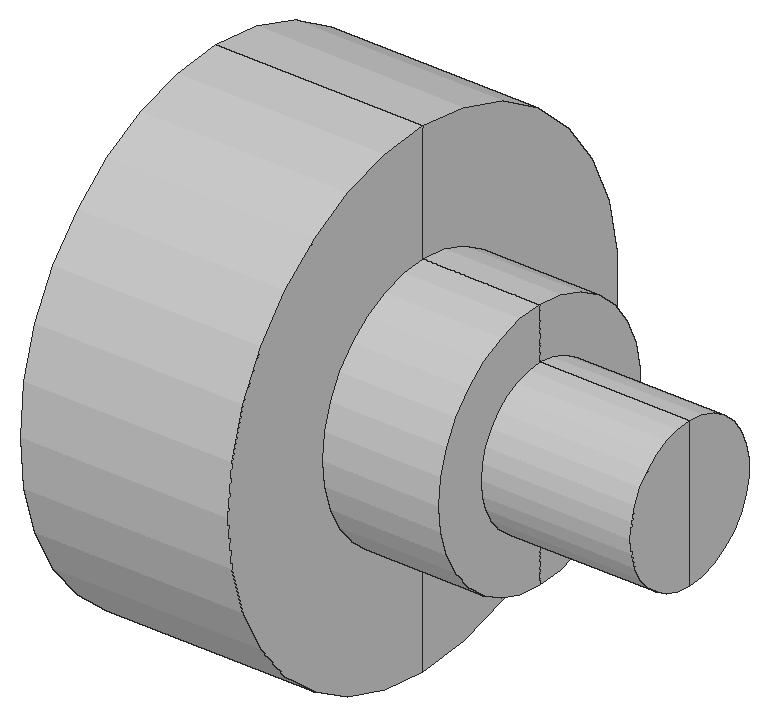
Revit family "6211_Heizkörperanschluß mit Konus", category Rohrformteile, Revit 2021
Family settings
  Bemaßung runder Anschluss = Durchmesser verwenden
  Teiletyp = Verbindung
  OmniClass-Nummer = 23.65.55.14
  OmniClass-Titel = Valves for Liquid Services
  Arbeitsebenenbasiert = Nein
  Immer vertikal = Ja
  Beim Laden mit Abzugskörper schneiden = Nein
  Gemeinsam genutzt = Nein
Parameters (values of type "G3/4 x R3/8")
  Vorgabe-Ansicht = 0 mm
  URL = "www.herz-armaturen.at"
  SCRNSEQ = "AWI;AWI_TYP=\"1001\";2"
  SCRNCODE = "07;01;02"  # constant formula
  S02 = 8 mm  # constant formula
  S01 [instance] = GT  # 10 mm
  O-Ring = "EPDM"  # constant formula
  Nennweite_AG [instance] = 10 mm  # constant formula
  Nennweite_IG [instance] = 20 mm  # constant formula
  Mutter = "Messing CW614N, vernickelt"  # constant formula
  Max. Betriebstemperatur = 110 °C  # constant formula
  Max. Betriebsdruck = 1000000.0 Pa  # constant formula
  Medium = "Heizungswasser nach ÖNORM H5195 oder VDI- Richtlinie 2035.\r\nDie Verwendung von Ethylen- oder Propyleneglykol in einem Mischungsverhältnis 25- 50% ist zulässig."
  GT [instance] = 10 mm  # constant formula
  L02 [instance] = 10.1 mm  # constant formula
  L01 [instance] = 14 mm  # constant formula
  L00 [instance] = 32 mm  # constant formula
  Hersteller = "HERZ Armaturen Ges.m.b.H."  # constant formula
  Bestellnummer = 1621100  # constant formula
  D03 [instance] = 5 mm  # constant formula
  D02 [instance] = 8.5 mm  # constant formula
  D01 [instance] = 10 mm  # constant formula
  D00 [instance] = 16.5 mm  # constant formula
  Ausführung = "Heizkörperanschluss für Ventile 1/2\" auf Heizkörpermuffe 3/8\" mit Konus, Mutter und Anschlussstück."
  Anschlussstück = "Messing CW614N, vernickelt"  # constant formula
Reference planes
  plane 1 "Mitte (Vorne/hinten)": y = 0
  plane 2: z = 0
  plane 3 "Mitte (Links/rechts)": x = 0
Forms (mm)
  Revolve 1, solid, material "Messing, vernickelt", detail levels fine
    sketch origin (0, 0, 0) x (1, 0, 0) y (0, 0, 1)
      loop
        line (0, 10) -> (10, 10) -> (10, 0) -> (32, 0) -> (32, 5) -> (21.9, 5) -> (21.9, 8.5) -> (14, 8.5) -> (14, 16.5) -> (0, 16.5) -> (0, 10)
      axis (0, 0) -> (32, 0)
    angle from 0 to 360
Lines and regions (mm)
  model lines, detail levels coarse+medium
    curve 1: line (0, 0, 0) -> (32, 0, 0)
    curve 2: line (10, 0, 16.5) -> (10, 0, -16.5)
    curve 3: line (10, 0, -16.5) -> (18, 0, -16.5)
    curve 4: line (18, 0, -16.5) -> (10, 0, 0)
    curve 5: line (10, 0, 16.5) -> (18, 0, 16.5)
    curve 6: line (18, 0, 16.5) -> (10, 0, 0)
    curve 7: line (10, 16.5, 0) -> (10, -16.5, 0)
    curve 8: line (10, -16.5, 0) -> (18, -16.5, 0)
    curve 9: line (18, -16.5, 0) -> (10, 0, 0)
    curve 10: line (10, 16.5, 0) -> (18, 16.5, 0)
    curve 11: line (18, 16.5, 0) -> (10, 0, 0)
Dimensions and locks
  "L01": Revolve 1 sketch curve to plane 3 "Mitte (Links/rechts)"
  "L00": Revolve 1 sketch curve to plane 3 "Mitte (Links/rechts)"
  "D00": Revolve 1 sketch curve to plane 2
  "L02": Revolve 1 sketch curve to Revolve 1 sketch curve
  "D01": Revolve 1 sketch curve to plane 2
  "D02": Revolve 1 sketch curve to plane 2
  "D03": Revolve 1 sketch curve to plane 2
  "GT": Revolve 1 sketch curve to plane 3 "Mitte (Links/rechts)"
  "L00": curve 1 to curve 1
  "S01": curve 2 to plane 3 "Mitte (Links/rechts)"
  "S02": curve 2 to curve 6
  "S02": curve 2 to curve 4
  "S01": curve 1 to curve 7
  "S02": curve 7 to curve 11
  "S02": curve 7 to curve 9
  "D00": curve 8 to plane 1 "Mitte (Vorne/hinten)" to curve 10
  "D00": curve 5 to plane 2 to curve 3
  aligned and locked: level to plane 2
Automatic sketch dimensions
  curve 1 to level = 0 mm
  curve 1 to plane 3 "Mitte (Links/rechts)" = 0 mm
  curve 4 to level = 0 mm
  curve 6 to curve 4 = 0 mm
  plane 1 "Mitte (Vorne/hinten)" to curve 9 = 0 mm
  plane 1 "Mitte (Vorne/hinten)" to curve 11 = 0 mm
  Revolve 1 sketch curve to level = 0 mm  (x2)
  Revolve 1 sketch curve to plane 3 "Mitte (Links/rechts)" = 0 mm
  Revolve 1 sketch curve to plane 3 "Mitte (Links/rechts)" = 1506.53 mm
  Revolve 1 sketch curve to Revolve 1 sketch curve = 1792.148 mm
Connectors
  piping at (10, 0, 0), diameter 20, driven by "Nennweite_IG"
    settings: on Revolve 1, index 1, connector inside diameter 609.6 mm, connector length 0 mm, flow factor 0, pipe flow 0.0 L/s, pressure drop 0.0 Pa, fitting loss kfactor 0, connector angle 0.00°, fixture units 0, engagement length 0 mm, angle of deflection 0.00°, flow configuration 0, flow direction 0, fitting loss method 0, system type 29, joint type 0, gender type 0, connector reference index -1, connector utility 0, adjustable connector no, is connector primary yes, connector description ""
  piping at (32, 0, 0), diameter 10, driven by "Nennweite_AG"
    settings: on Revolve 1, index 2, connector inside diameter 609.6 mm, connector length 0 mm, flow factor 0, pipe flow 0.0 L/s, pressure drop 0.0 Pa, fitting loss kfactor 0, connector angle 0.00°, fixture units 0, engagement length 0 mm, angle of deflection 0.00°, flow configuration 0, flow direction 0, fitting loss method 0, system type 29, joint type 0, gender type 0, connector reference index -1, connector utility 0, adjustable connector no, is connector primary no, connector description ""
